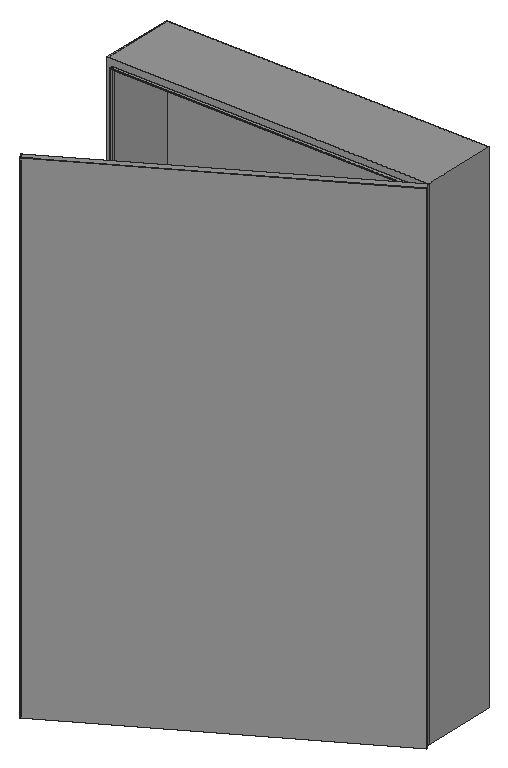
Revit family "Hager-Univers-IP54-D205-H1250-Cl.II-Encl-NoHosted-NL-en", category Equipement électrique, Revit 2020
Family settings
  Configuration du panneau = Deux colonnes, circuits au sein
  Cote de connecteur circulaire = Utiliser le diamètre
  Type d'élément = Tableau de raccordement
  Basée sur le plan de construction = Oui
  Toujours verticalement = Oui
  Couper avec des vides une fois chargée = Non
  Partagée = Non
  Point de calcul de pièce = Non
Parameters (values of type "Surface mounted (plaster) IP54 W800 H1250 D205  - FP83QSW")
  Width Control [instance] = if([EF000008 - Width] > Min Width, [EF000008 - Width], Min Width)  # 800 mm
  Commentaires du type = [HG000003 - Range]  # "Univers"
  Thickness Door [instance] = if([EF009171 - Material plate thickness door/cover] > 3 mm, 3 mm, [EF009171 - Material plate thickness door/cover])  # 1 mm
  Seal Frame Offset [instance] = 17 mm  # constant formula
  Plinth Visibility [instance] = [HG000027 - Plinth height] > 0 mm  # no
  Min Width [instance] = 100 mm  # constant formula
  Min Depth [instance] = (2 * [EF009170 - Material plate thickness cabinet]) + 1 mm  # 3 mm
  Min Height [instance] = 100 mm  # constant formula
  Internal Frame Depth [instance] = (Door System Depth * 0.5)  # 9 mm
  Panel Name [instance] = ""  # (empty or 0)
  Model = ""
  HG000027 - Plinth height = 0 mm
  HG000026 - Floor standing = no
  HG000024 - Bottom section height = 600 mm
  HG000023 - Double section enclosure = no
  HG000016 - Door 3d visibility [instance] = yes
  HG000015 - Clearance visibility [instance] = no
  HG000014 - Door on the right [instance] = yes
  HG000013 - Door on the left [instance] = not([HG000014 - Door on the right])  # no
  HG000012 - Door swing angle [instance] = 30.00°
  HG000010 - Asymmetric doors = no
  HG000009 - Double swing door = no
  HG000006 - Flush mounted = no
  HG000004 - Manufacturer reference = "FP83QSW"
  HG000003 - Range = "Univers"
  HG000002 - With door or cover = yes
  Frame Offset Bottom [instance] = 10 mm  # constant formula
  Frame Offset [instance] = 15 mm  # constant formula
  EF015940 - Cover with overpressure release = no
  EF011959 - Degree of protection (NEMA) = ""
  EF009554 - Number of openings for flange plates = 6
  EF009212 - Cover model = "EV000116 - Closed"
  EF009171 - Material plate thickness door/cover = 1 mm
  EF009170 - Material plate thickness cabinet = 1 mm
  EF008873 - Nominal current (In) = 250 A
  EF007800 - Suitable for lightning protection = no
  EF006306 - With lock = no
  EF006244 - Transparent cover/door = no
  EF005474 - Degree of protection (IP) = "EV006419 - IP54"
  EF004464 - Type of door = "EV002646 - Single"
  EF004427 - Number of modules = 288
  EF004293 - Impact strength = "EV006815 - IK09"
  EF003532 - Suitable for outdoor use = no
  EF002950 - Width in number of modular spacings = 36
  EF001613 - Circuit integrity = "EV000494 - None"
  EF001596 - Material housing = "EV000179 - Steel"
  EF001131 - Internal depth = 143 mm
  EF001088 - Extension possible = yes
  EF000437 - Number of conduit inlets = 6
  EF000339 - Type of cover = "EV001012 - Cover"
  EF000266 - Number of rows = 8
  EF000218 - Built-in depth = 0 mm
  EF000118 - With mounting plate = no
  EF000116 - RAL-number = "9010"
  EF000049 - Depth = 205 mm
  EF000040 - Height = 1250 mm
  EF000008 - Width = 800 mm
  EF000007 - Colour = "EV000202 - White"
  EF000003 - Mounting method = "EV000384 - Surface mounted (plaster)"
  Door System Leaf Tolerance [instance] = 1.5 mm  # constant formula
  Door System Depth [instance] = 18 mm  # constant formula
  Door Height [instance] = Height Control - [HG000027 - Plinth height]  # 1250 mm
  Description = ""
  Default Elevation = 1219.2 mm
  Connector Offset [instance] = Height Control / 2  # 625 mm
  Fabricant = "Hager"  # constant formula
  Height Control [instance] = if([EF000040 - Height] > Min Height, [EF000040 - Height], Min Height)  # 1250 mm
  Depth Control [instance] = if([EF000049 - Depth] > Min Depth, [EF000049 - Depth], Min Depth)  # 205 mm
  Bottom Top Plate Trim [instance] = 1.5 mm  # constant formula
  Plinth height Ctrl [instance] = if([HG000027 - Plinth height] > 0 mm, [HG000027 - Plinth height], 12 mm)  # 12 mm
Types (3, lengths in mm): name | Width Control | HG000009 - Double swing door | HG000004 - Manufacturer reference | EF009554 - Number of openings for flange plates | EF004464 - Type of door | EF004427 - Number of modules | EF002950 - Width in number of modular spacings | EF001131 - Internal depth | EF000437 - Number of conduit inlets | EF000339 - Type of cover | EF000008 - Width
  Surface mounted (plaster) IP54 W1050 H1250 D205  - FP84QSW | 1050 | yes | "FP84QSW" | 8 | "EV003602 - Double" | 384 | 48 | 143 | 8 | "EV001012 - Cover" | 1050
  Surface mounted (plaster) IP54 W1300 H1250 D205  - FP85QSW | 1300 | no | "FP85QSW" | 10 | "EV003602 - Double" | 480 | 60 | 130 | 10 | "EV004216 - Door" | 1300
  Surface mounted (plaster) IP54 W800 H1250 D205  - FP83QSW | 800 | no | "FP83QSW" | 6 | "EV002646 - Single" | 288 | 36 | 143 | 6 | "EV001012 - Cover" | 800
Reference planes
  plane 1 "Center (Front/Back)": y = 0
  plane 2: z = 0
  plane 3 "Center (Left/Right)": x = 0
  plane 4: y = 0
  plane 5: y = 0
  plane 6: z = 0
  plane 7: x = -400
  plane 8: x = 400
  plane 9: x = 399
  plane 10: x = -399
  plane 11: z = 0
  plane 12: z = 1
  plane 13: y = -205
  plane 14: y = -1
  plane 15: x = 0
  plane 16: y = -187
  plane 17: y = -204
  plane 18: y = -186
  plane 19: x = -384
  plane 20: x = 384
  plane 21: z = 11
  plane 22: x = -383
  plane 23: x = 383
  plane 24: z = 0
  plane 25: z = 1250
  plane 26: z = 1250
  plane 27: z = 1234
  plane 28: z = 1249
Forms (mm)
  Extrusion 1, solid, material "Hager_Steel_RAL7035_Light_Grey", detail levels medium+fine
    sketch origin (-208.679, -4572, 0) x (-1, 0, 0) y (0, -1, 0)
      loop
        line (191.321, -4385) -> (-608.679, -4385) -> (-608.679, -4572) -> (191.321, -4572) -> (191.321, -4385)
    from 0 to 1250
  Extrusion 2, void
    sketch origin (-350.771, -205, 1219.2) x (1, 0, 0) y (0, 0, 1)
      loop
        line (-48.229, 29.8) -> (-48.229, -1218.2) -> (749.771, -1218.2) -> (749.771, 29.8) -> (-48.229, 29.8)
    from -19 to -204
  Extrusion 3, void
    sketch origin (-290.084, -187, 1219.2) x (1, 0, 0) y (0, 0, 1)
      loop
        line (-93.916, -1208.2) -> (674.084, -1208.2) -> (674.084, 14.8) -> (-93.916, 14.8) -> (-93.916, -1208.2)
    from 0 to -1
  Extrusion 4, solid, material "Hager_Steel_RAL7035_Light_Grey", visible <- "Plinth Visibility", detail levels medium+fine
    sketch origin (0, 0, 0) x (1, 0, 0) y (0, 1, 0)
      loop
        line (-400, 0) -> (-400, -187) -> (400, -187) -> (400, 0) -> (-400, 0)
    from 0 to 12 <- "Plinth height Ctrl"
  Extrusion 5, solid, material "Hager_Steel_RAL7035_Light_Grey", detail levels coarse
    sketch origin (0, 0, 0) x (1, 0, 0) y (0, 1, 0)
      loop
        line (-400, 0) -> (-400, -205) -> (400, -205) -> (400, 0) -> (-400, 0)
    from 0 to 1250 <- "Height Control"
  Sweep 6, void
    path in 3D
      loop
        line (-400, -187, 12) -> (400, -187, 12) -> (400, 0, 12) -> (-400, 0, 12) -> (-400, -187, 12)
    profile origin (-400, -93.5, 12) x (1, 0, 0) y (0, 0, 1)
      loop
        line (0, 0) -> (0, -1.5) -> (1.5, -1.5)
        arc (1.5, -1.5) -> (1.061, -0.439) -> (0, 0) r 1.5
  Extrusion 7, solid, material "Hager_Steel_RAL7035_Light_Grey", detail levels fine
    sketch origin (-400, -187, 0) x (1, 0, 0) y (0, 0, 1)
      loop
        line (16, 11) -> (784, 11) -> (784, 1234) -> (16, 1234) -> (16, 11)
      loop
        line (15, 10) -> (785, 10) -> (785, 1235) -> (15, 1235) -> (15, 10)
    from 0 to 9 <- "Internal Frame Depth"
Cuts and joins
  Extrusion 2, Extrusion 3 cuts Extrusion 1
  Sweep 6 cuts Extrusion 4
Lines and regions (mm)
  Masking region 1
    outline origin (0, 0, 0) x (1, 0, 0) y (0, 1, 0)
      loop
        line (-400, 0) -> (-400, -205) -> (400, -205) -> (400, 0) -> (-400, 0)
  Masking region 2, detail levels coarse
    outline origin (-290.084, -187, 1219.2) x (-1, 0, 0) y (0, 0, 1)
      loop
        line (-690.084, -1219.2) -> (109.916, -1219.2) -> (109.916, 30.8) -> (-690.084, 30.8) -> (-690.084, -1219.2)
  Masking region 3, detail levels coarse
    outline origin (0, 0, 0) x (0, 1, 0) y (0, 0, 1)
      loop
        line (0, 0) -> (0, 1250) -> (-205, 1250) -> (-205, 0) -> (0, 0)
  Masking region 4, visible <- "Plinth Visibility", detail levels medium+fine
    outline origin (0, 0, 0) x (0, 1, 0) y (0, 0, 1)
      loop
        line (-1.5, 12) -> (-185.5, 12)
        arc (-185.5, 12) -> (-185.939, 10.939) -> (-187, 10.5) r 1.5
        line (-187, 10.5) -> (-187, 0) -> (0, 0) -> (0, 10.5)
        arc (0, 10.5) -> (-1.061, 10.939) -> (-1.5, 12) r 1.5
  Masking region 5, detail levels medium+fine
    outline origin (0, 0, 594.038) x (0, 1, 0) y (0, 0, 1)
      loop
        line (0, -594.038) -> (0, 655.962) -> (-187, 655.962) -> (-187, -594.038) -> (0, -594.038)
  Masking region 6, detail levels medium+fine
    outline origin (-359.7, -187, 1211.883) x (-1, 0, 0) y (0, 0, 1)
      loop
        line (-759.7, -1211.883) -> (40.3, -1211.883) -> (40.3, 38.117) -> (-759.7, 38.117) -> (-759.7, -1211.883)
  Masking region 7, visible <- "Plinth Visibility", detail levels medium+fine
    outline origin (-320.334, -187, 1041.368) x (-1, 0, 0) y (0, 0, 1)
      loop
        line (-720.334, -1041.368) -> (79.666, -1041.368) -> (79.666, -1030.868)
        arc (79.666, -1030.868) -> (78.606, -1030.429) -> (78.166, -1029.368) r 1.5
        line (78.166, -1029.368) -> (-718.834, -1029.368)
        arc (-718.834, -1029.368) -> (-719.273, -1030.429) -> (-720.334, -1030.868) r 1.5
        line (-720.334, -1030.868) -> (-720.334, -1041.368)
  sketch lines
    curve 1: line (-400, 0, 12) -> (-400, -187, 12)
    curve 2: line (-400, -187, 12) -> (400, -187, 12)
    curve 3: line (400, 0, 12) -> (-400, 0, 12)
    curve 4: line (400, -187, 12) -> (400, 0, 12)
Dimensions and locks
  locked: plane 1 "Center (Front/Back)" to plane 5
  "EF009170 - Material plate thickness cabinet": plane 7 to plane 10
  "EF009170 - Material plate thickness cabinet": plane 8 to plane 9
  equal spacing: plane 7, plane 3 "Center (Left/Right)", plane 8
  "Width Control": plane 7 to plane 8
  "Depth Control": plane 4 to plane 13
  "EF009170 - Material plate thickness cabinet": plane 4 to plane 14
  "Height Control": plane 25 to level
  "HG000027 - Plinth height": plane 11 to level
  "EF009170 - Material plate thickness cabinet": plane 12 to plane 11
  "EF009170 - Material plate thickness cabinet": plane 17 to plane 13
  "EF009170 - Material plate thickness cabinet": plane 18 to plane 16
  "Frame Offset Bottom": plane 21 to plane 12
  "Frame Offset": plane 10 to plane 19
  "Frame Offset": plane 9 to plane 20
  "Door System Depth": plane 16 to plane 13
  "Seal Frame Offset": plane 7 to plane 22
  "Seal Frame Offset": plane 8 to plane 23
  "EF009170 - Material plate thickness cabinet": plane 26 to plane 28
  "Frame Offset": plane 28 to plane 27
  "Connector Offset": plane 2 to connector elem
  "Bottom Top Plate Trim": profile plane to Sweep 6 sketch curve
  "Bottom Top Plate Trim": Sweep 6 sketch curve to Sweep 6 sketch curve
  "Plinth height Ctrl": Masking region 4 sketch curve to level
  "Plinth height Ctrl": Masking region 7 sketch curve to level
  "Thickness Door": Extrusion 7 sketch curve to Extrusion 7 sketch curve  (x4)
  "Bottom Top Plate Trim": radius of Sweep 6 sketch curve
  "Bottom Top Plate Trim": radius of Masking region 4 sketch curve  (x2)
  "Bottom Top Plate Trim": radius of Masking region 7 sketch curve  (x2)
  aligned and locked: Extrusion 2 sketch curve to plane 12
  aligned and locked: Extrusion 2 sketch curve to plane 9
  aligned and locked: Extrusion 2 sketch curve to plane 10
  aligned and locked: Extrusion 2 to plane 14
  aligned and locked: Extrusion 1 sketch curve to plane 4
  aligned and locked: plane 8 to Extrusion 1 sketch curve
  aligned and locked: plane 7 to Extrusion 1 sketch curve
  aligned and locked: Extrusion 2 to plane 18
  aligned and locked: Extrusion 3 sketch curve to plane 19
  aligned and locked: plane 20 to Extrusion 3 sketch curve
  aligned and locked: Extrusion 3 to Extrusion 2
  aligned and locked: Extrusion 3 sketch curve to plane 21
  aligned and locked: plane 3 "Center (Left/Right)" to nested 1
  aligned and locked: Extrusion 1 sketch curve to plane 16
  aligned and locked: Extrusion 4 sketch curve to cut or joined group of Extrusion 1, Extrusion 2, Extrusion 3
  aligned and locked: Masking region 1 sketch curve to plane 7
  aligned and locked: Masking region 1 sketch curve to plane 5
  aligned and locked: Masking region 1 sketch curve to plane 8
  aligned and locked: Masking region 2 sketch curve to level
  aligned and locked: level to Masking region 3 sketch curve
  aligned and locked: plane 1 "Center (Front/Back)" to Masking region 3 sketch curve
  aligned and locked: plane 13 to Masking region 3 sketch curve
  aligned and locked: plane 5 to Masking region 4 sketch curve
  aligned and locked: Masking region 2 sketch curve to plane 8
  aligned and locked: Masking region 2 sketch curve to plane 7
  aligned and locked: plane 7 to nested 2
  aligned and locked: nested 2 to plane 5
  aligned and locked: plane 5 to Masking region 5 sketch curve
  aligned and locked: plane 26 to Masking region 5 sketch curve
  aligned and locked: Extrusion 5 sketch curve to plane 8
  aligned and locked: Extrusion 5 sketch curve to plane 7
  aligned and locked: Extrusion 5 sketch curve to plane 5
  aligned and locked: Extrusion 3 sketch curve to plane 27
  aligned and locked: Extrusion 2 sketch curve to plane 28
  aligned and locked: Masking region 2 to plane 25
  aligned and locked: Extrusion 4 to plane 16
  aligned and locked: profile plane to Sweep 6 sketch curve
  aligned and locked: Masking region 5 sketch curve to plane 24
  aligned and locked: level to Masking region 4 sketch curve
  aligned and locked: Masking region 1 to plane 13
  aligned and locked: nested 1 to plane 16
  aligned and locked: Masking region 3 to plane 25
  aligned and locked: plane 16 to Masking region 4 sketch curve
  aligned and locked: Masking region 5 sketch curve to plane 16
  aligned and locked: plane 24 to plane 11
  aligned and locked: plane 26 to plane 25
  aligned and locked: plane 26 to cut or joined group of Extrusion 1, Extrusion 2, Extrusion 3
  aligned and locked: nested 1 to plane 24
  aligned and locked: Extrusion 1 to Extrusion 3
  aligned and locked: Masking region 6 sketch curve to plane 8
  aligned and locked: Masking region 6 sketch curve to plane 24
  aligned and locked: Masking region 6 sketch curve to plane 7
  aligned and locked: Masking region 6 sketch curve to plane 26
  aligned and locked: Masking region 7 sketch curve to plane 7
  aligned and locked: level to Masking region 7 sketch curve
  aligned and locked: Masking region 7 sketch curve to plane 8
  aligned and locked: Extrusion 7 sketch curve to cut or joined group of Extrusion 1, Extrusion 2, Extrusion 3  (x4)
Automatic sketch dimensions
  plane 19 to Extrusion 3 sketch curve = 0 mm
  Extrusion 3 sketch curve to plane 20 = 0 mm
  Extrusion 3 sketch curve to plane 21 = 0 mm
  Extrusion 4 sketch curve to plane 7 = 0 mm
  Extrusion 4 sketch curve to plane 8 = 0 mm
  Extrusion 4 sketch curve to plane 16 = 0 mm
  Masking region 1 sketch curve to plane 13 = 0 mm
  Masking region 2 sketch curve to plane 25 = 0 mm
  Masking region 3 sketch curve to plane 25 = 0 mm
  Extrusion 5 sketch curve to plane 13 = 0 mm
  profile plane to Sweep 6 sketch curve = 0 mm
Nested families
  nested 1: "EC000058_Univers_Door" at (0, -187, 0), Double <- "HG000009 - Double swing door", Transparent <- "EF006244 - Transparent cover/door", Angle <- "HG000012 - Door swing angle", Door_Right <- "HG000014 - Door on the right", Assymetrical <- "HG000010 - Asymmetric doors", Door <- "HG000002 - With door or cover", Width_Ctrl <- "Width Control", 3d_Door <- "HG000016 - Door 3d visibility", Clearance <- "HG000015 - Clearance visibility", Door_Left <- "HG000013 - Door on the left", Width <- "Width Control", Door_Depth <- "Door System Depth", Leaf_Tolerance <- "Door System Leaf Tolerance", Height <- "Door Height", Lock_Visibility <- "EF006306 - With lock", Thickness <- "Thickness Door", type "EC000058_Univers_Door", detail levels medium+fine
    with min_wh 3 mm, Width_Ctrl 800 mm, Width 800 mm, Transparent no, Thickness 1 mm, Seal_Material Hager_Rubber, Lock_Visibility no, Lock_Material Hager_Plastic_RAL9005_Jet_Black, Leaf_Width 800 mm, Leaf_Tolerance_External_Sides 0 mm, Leaf_Tolerance 1.5 mm, Leaf_Offset 0 mm, Leaf_Height 1247 mm, Leaf_2_Width 800 mm, Leaf_2_Offset 400 mm, Leaf_1_Width 800 mm, Leaf_1_Offset 400 mm, Height_Ctrl 1250 mm, Height 1250 mm, Glass_Material Hager_Glass, Double_Clearance_Ctrl no, Double no, Door_Right_Ctrl yes, Door_Right yes, Door_Material Hager_Steel_RAL7035_Light_Grey, Door_Left_Ctrl no, Door_Left no, Door_Depth 18 mm, Door yes, Clearance_Material Hager_Clearance, Clearance_Depth 800 mm, Clearance_Ctrl no, Clearance no, Assymetrical no, Angle 30.00°, 3d_Door yes
  nested 2: "Hager_Enclosure_Symbol" at (-400, 0, 0), Height <- "Depth Control", Width <- "Width Control", type "Hager_Enclosure_Symbol"
    with Width_Ctrl 800 mm, Width 800 mm, Height_Ctrl 205 mm, Height 205 mm, A_Width_Int 13.453 mm, A_Width 161.438 mm, A_Height_Ctrl 179.375 mm, A_Height 179.375 mm
Connectors
  electrical at (0, 0, 625)
    settings: on plane 1 "Center (Front/Back)", index 1, voltage 0 V, apparent load 0 VA, apparent load phase1 0 VA, apparent load phase2 0 VA, apparent load phase3 0 VA, power factor 1, load classification "Other", number of poles 1, system type 30, power factor state 1, is connector primary yes, connector utility no, sub classification motor no, connector description ""
Definition of nested family "EC000058_Univers_Door"
  Parameters (values of type "EC000058_Univers_Door")
    min_wh [instance] = (2 * Thickness) + 1 mm  # 11 mm
    Width_Ctrl [instance] = 400 mm
    Width [instance] = 500 mm
    Transparent [instance] = yes
    Thickness [instance] = 5 mm
    Seal_Material [instance] = none
    Lock_Visibility [instance] = yes
    Lock_Material [instance] = none
    Leaf_Width [instance] = if((Width_Ctrl - 2 * Leaf_Tolerance_External_Sides) > 0 mm, (Width_Ctrl - 2 * Leaf_Tolerance_External_Sides), min_wh)  # 400 mm
    Leaf_Tolerance_External_Sides [instance] = 0 mm  # constant formula
    Leaf_Tolerance [instance] = 1.5 mm
    Leaf_Offset [instance] = 0 mm  # constant formula
    Leaf_Height [instance] = if((Height_Ctrl - 2 * Leaf_Tolerance) > 0 mm, (Height_Ctrl - 2 * Leaf_Tolerance), min_wh)  # 497 mm
    Leaf_2_Width [instance] = if(and(and(Double, Assymetrical), Door_Left), (Leaf_Width / 3) - (Leaf_Tolerance / 2), if(and(and(Double, Assymetrical), Door_Right), (Leaf_Width / 3) * 2 - (Leaf_Tolerance / 2), if(and(Double, not(Assymetrical)), (Leaf_Width / 2) - Leaf_Tolerance, Leaf_Width)))  # 400 mm
    Leaf_2_Offset [instance] = if(and(Double, Assymetrical), Leaf_2_Width / 2, if(and(Double, not(Assymetrical)), Leaf_Width / 4, Leaf_Width / 2))  # 200 mm
    Leaf_1_Width [instance] = if(and(and(Double, Assymetrical), Door_Right), (Leaf_Width / 3) - (Leaf_Tolerance / 2), if(and(and(Double, Assymetrical), Door_Left), (Width / 3) * 2 - (Leaf_Tolerance / 2), if(and(Double, not(Assymetrical)), (Leaf_Width / 2) - Leaf_Tolerance, Leaf_Width)))  # 400 mm
    Leaf_1_Offset [instance] = if(and(Double, Assymetrical), Leaf_1_Width / 2, if(and(Double, not(Assymetrical)), Leaf_Width / 4, Leaf_Width / 2))  # 200 mm
    Height_Ctrl [instance] = if(Height > min_wh, Height, min_wh)  # 500 mm
    Height [instance] = 500 mm
    Glass_Material [instance] = none
    Double_Clearance_Ctrl [instance] = and(Double, Clearance)  # no
    Double [instance] = no
    Door_Right_Ctrl [instance] = and(or(Door_Right, Double), Door)  # yes
    Door_Right [instance] = yes
    Door_Material [instance] = none
    Door_Left_Ctrl [instance] = and(or(Door_Left, Double), Door)  # no
    Door_Left [instance] = no
    Door_Depth [instance] = 30 mm
    Door [instance] = yes
    Default Elevation = 1219.2 mm
    Clearance_Material [instance] = none
    Clearance_Depth [instance] = if(Leaf_1_Width > Leaf_2_Width, Leaf_1_Width, Leaf_2_Width)  # 400 mm
    Clearance_Ctrl [instance] = and(not(Double), Clearance)  # yes
    Clearance [instance] = yes
    Assymetrical [instance] = yes
    Angle [instance] = 30.00°
    3d_Door [instance] = yes
  Reference planes
    plane 1 "Center (Front/Back)": y = 0
    plane 2 "Bottom": z = 0
    plane 3 "Center (Left/Right)": x = 0
    plane 4: z = 500
    plane 5: x = -200
    plane 6: x = 200
    plane 7: z = 500
    plane 8: x = -200
    plane 9: z = 0
    plane 10: x = 200
    plane 11: y = 0
    plane 12: z = 1.5
    plane 13: x = -600
    plane 14: y = -400
    plane 15: x = 600
    plane 16: x = 0
    plane 17: x = 0
    plane 18: x = -200
    plane 19: x = 200
    plane 20: z = 498.5
  Forms (mm)
    Extrusion 1, solid, material <- "Clearance_Material", visible <- "Double_Clearance_Ctrl"
      sketch origin (1200, 0, 0) x (1, 0, 0) y (0, 0, -1)
        loop
          line (-1800, -498.5) -> (-600, -498.5) -> (-600, 0) -> (-1800, 0) -> (-1800, -498.5)
      from 0 to -400
  Dimensions and locks
    equal spacing: plane 5, plane 3 "Center (Left/Right)", plane 6
    "Width_Ctrl": plane 5 to plane 6
    "Leaf_Offset": plane 5 to plane 8
    "Leaf_Offset": plane 6 to plane 10
    "Leaf_Offset": plane 9 to level
    "Leaf_Offset": plane 4 to plane 7
    "Height_Ctrl": plane 4 to level
    "Leaf_Tolerance": plane 12 to plane 9
    locked: plane 11 to plane 1 "Center (Front/Back)"
    "Leaf_1_Offset": plane 18 to plane 16
    "Leaf_2_Offset": plane 17 to plane 19
    "Leaf_1_Width": plane 13 to plane 8
    "Leaf_2_Width": plane 10 to plane 15
    "Clearance_Depth": plane 14 to plane 1 "Center (Front/Back)"
    "Leaf_Tolerance_External_Sides": plane 8 to plane 18
    "Leaf_Tolerance_External_Sides": plane 19 to plane 10
    "Leaf_Tolerance": plane 7 to plane 20
    aligned and locked: level to plane 2 "Bottom"
    aligned and locked: nested 1 to plane 16
    aligned and locked: nested 2 to plane 17
    aligned and locked: Extrusion 1 to plane 13
    aligned and locked: plane 15 to Extrusion 1
    aligned and locked: Extrusion 1 to plane 14
    aligned and locked: plane 12 to nested 1
    aligned and locked: nested 2 to plane 12
    aligned and locked: Extrusion 1 to plane 11
    aligned and locked: plane 20 to Extrusion 1
    aligned and locked: nested 2 to plane 11
    aligned and locked: nested 1 to plane 11
  Automatic sketch dimensions
    Extrusion 1 sketch curve to level = 0 mm
    plane 5 to Extrusion 1 sketch curve = 400 mm
    plane 6 to Extrusion 1 sketch curve = 400 mm
    Extrusion 1 sketch curve to plane 4 = 1.5 mm
  Nested families
    nested 1: "EC000058_Univers_Door_Leaf" at (0, 0, 1.5), Width <- "Leaf_1_Width", visible <- "Door_Left_Ctrl", Leaf_Height <- "Leaf_Height", Angle <- "Angle", 3d_Door <- "3d_Door", Transparent <- "Transparent", Clearance Material <- "Clearance_Material", Clearance <- "Clearance_Ctrl", Door_Material <- "Door_Material", Glass_Material <- "Glass_Material", Door_Depth <- "Door_Depth", Lock_Material <- "Lock_Material", Seal_Material <- "Seal_Material", Lock_Visibility <- "Lock_Visibility", Thickness <- "Thickness", type "EC000058_Univers_Door_Leaf"
      with Width 400 mm, Transparent_Glass_Offset 30 mm, Transparent_Ctrl yes, Transparent yes, Thickness 5 mm, Standard no, Seal_Material none, Seal_D2 8 mm, Seal_D1 1 mm, Offset_Internal_Frame 10 mm, Lock_Width 20 mm, Lock_Visibility_3d yes, Lock_Visibility yes, Lock_Thickness_3 3 mm, Lock_Thickness_2 1 mm, Lock_Thickness_1 3 mm, Lock_Radius_Offset_2 16 mm, Lock_Radius_Offset_1 15 mm, Lock_Radius_2 5 mm, Lock_Radius 6 mm, Lock_Offset 5 mm, Lock_Material none, Lock_Height 80 mm, Lock_Cover_Top_Offset_2d 17 mm, Lock_Cover_Height -65 mm, Leaf_Height 497 mm, Internal_Seal_Thickness 8 mm, Internal_Seal_Depth_2 4.5 mm, Internal_Frame_Depth 25 mm, Glass_Thickness -1 mm, Glass_Offset -2 mm, Glass_Material none, Door_Material none, Door_Depth 30 mm, Clearance Material none, Clearance yes, Angle_Ctrl 30.00°, Angle 30.00°, 3d_Door yes
    nested 2: "EC000058_Univers_Door_Leaf" at (0, 0, 1.5) x (-1, 0, 0) z (0, 0, 1), Width <- "Leaf_2_Width", visible <- "Door_Right_Ctrl", Leaf_Height <- "Leaf_Height", Angle <- "Angle", 3d_Door <- "3d_Door", Transparent <- "Transparent", Clearance Material <- "Clearance_Material", Clearance <- "Clearance_Ctrl", Door_Material <- "Door_Material", Glass_Material <- "Glass_Material", Door_Depth <- "Door_Depth", Lock_Material <- "Lock_Material", Seal_Material <- "Seal_Material", Lock_Visibility <- "Lock_Visibility", Thickness <- "Thickness", type "EC000058_Univers_Door_Leaf"
      with Width 400 mm, Transparent_Glass_Offset 30 mm, Transparent_Ctrl yes, Transparent yes, Thickness 5 mm, Standard no, Seal_Material none, Seal_D2 8 mm, Seal_D1 1 mm, Offset_Internal_Frame 10 mm, Lock_Width 20 mm, Lock_Visibility_3d yes, Lock_Visibility yes, Lock_Thickness_3 3 mm, Lock_Thickness_2 1 mm, Lock_Thickness_1 3 mm, Lock_Radius_Offset_2 16 mm, Lock_Radius_Offset_1 15 mm, Lock_Radius_2 5 mm, Lock_Radius 6 mm, Lock_Offset 5 mm, Lock_Material none, Lock_Height 80 mm, Lock_Cover_Top_Offset_2d 17 mm, Lock_Cover_Height -65 mm, Leaf_Height 497 mm, Internal_Seal_Thickness 8 mm, Internal_Seal_Depth_2 4.5 mm, Internal_Frame_Depth 25 mm, Glass_Thickness -1 mm, Glass_Offset -2 mm, Glass_Material none, Door_Material none, Door_Depth 30 mm, Clearance Material none, Clearance yes, Angle_Ctrl 30.00°, Angle 30.00°, 3d_Door yes
  Definition of nested family "EC000058_Univers_Door_Leaf"
    Parameters (values of type "EC000058_Univers_Door_Leaf")
      Width [instance] = 2000 mm
      Transparent_Glass_Offset [instance] = 30 mm
      Transparent_Ctrl [instance] = and(Transparent, [3d_Door])  # yes
      Transparent [instance] = yes
      Thickness [instance] = 5 mm
      Standard [instance] = and(not(Transparent), [3d_Door])  # no
      Seal_Material [instance] = none
      Seal_D2 [instance] = 8 mm  # constant formula
      Seal_D1 [instance] = 1 mm  # constant formula
      Offset_Internal_Frame [instance] = 10 mm  # constant formula
      Lock_Width [instance] = 20 mm  # constant formula
      Lock_Visibility_3d [instance] = and(Lock_Visibility, [3d_Door])  # yes
      Lock_Visibility [instance] = yes
      Lock_Thickness_3 [instance] = 3 mm  # constant formula
      Lock_Thickness_2 [instance] = 1 mm  # constant formula
      Lock_Thickness_1 [instance] = 3 mm  # constant formula
      Lock_Radius_Offset_2 [instance] = Lock_Radius_Offset_1 + 1 mm  # 16 mm
      Lock_Radius_Offset_1 [instance] = 15 mm  # constant formula
      Lock_Radius_2 [instance] = Lock_Radius - 1 mm  # 5 mm
      Lock_Radius [instance] = 6 mm  # constant formula
      Lock_Offset [instance] = 5 mm  # constant formula
      Lock_Material [instance] = none
      Lock_Height [instance] = 80 mm  # constant formula
      Lock_Cover_Top_Offset_2d [instance] = Lock_Radius_Offset_2 + 1 mm  # 17 mm
      Lock_Cover_Height [instance] = -(Lock_Height - Lock_Radius_Offset_1)  # -65 mm
      Leaf_Height [instance] = 2720.336 mm
      Internal_Seal_Thickness [instance] = 8 mm  # constant formula
      Internal_Seal_Depth_2 [instance] = 4.5 mm  # constant formula
      Internal_Frame_Depth [instance] = if(Door_Depth - Thickness > 5 mm, Door_Depth - Thickness, 5 mm)  # 25 mm
      Glass_Thickness [instance] = if(Thickness > 15 mm, Glass_Offset + 10 mm, -1 mm)  # -1 mm
      Glass_Offset [instance] = if(Thickness > 15 mm, -(Thickness + 10 mm) / 2, -2 mm)  # -2 mm
      Glass_Material [instance] = none
      Door_Material [instance] = none
      Door_Depth [instance] = 30 mm
      Default Elevation = 0 mm
      Clearance Material [instance] = none
      Clearance [instance] = yes
      Angle_Ctrl [instance] = if(Angle > 180.00°, 180.00°, Angle)  # 90.00°
      Angle [instance] = 90.00°
      3d_Door [instance] = yes
    Reference planes
      plane 1 "Center (Front/Back)": y = 0
      plane 2: z = 0
      plane 3 "Center (Left/Right)": x = 0
      plane 4: y = 2000
      plane 5: x = -1000
      plane 6: x = 1000
      plane 7: x = -3000
      plane 8: z = 2720.336
      plane 9: z = 30
      plane 10: z = 2690.336
      plane 11: x = 970
      plane 12: x = -970
      plane 13: y = -3
      plane 14: z = 107.833
      plane 15: y = -5
      plane 16: y = -223.314
      plane 17: x = -1000
      plane 18: z = 1360.168
      plane 19: y = 30
    Forms (mm)
      Extrusion 1, solid, material <- "Clearance Material", visible <- "Clearance"
        sketch origin (0, 0, 0) x (1, 0, 0) y (0, 0, 1)
          loop
            line (-3000, 2720.336) -> (-3000, 0) -> (1000, 0) -> (1000, 2720.336) -> (-3000, 2720.336)
        from 0 to -2000
      Extrusion 2, solid, material <- "Door_Material", visible <- "Standard", detail levels medium+fine
        sketch origin (-1000, 0, 0) x (0, 1, 0) y (-1, 0, 0)
          loop
            line (0, 30) -> (0, 25) -> (2000, 25) -> (2000, 30) -> (0, 30)
        from 0 to 2720.336 <- "Leaf_Height"
      Extrusion 3, solid, material <- "Door_Material", visible <- "Transparent_Ctrl", detail levels medium+fine
        sketch origin (-1000, 0, 0) x (0, 1, 0) y (-1, 0, 0)
          loop
            line (0, 25) -> (2000, 25) -> (2000, 30) -> (0, 30) -> (0, 25)
        from 0 to 2720.336 <- "Leaf_Height"
      Extrusion 4, void
        sketch origin (-1025, 2000, 0) x (0, 1, 0) y (0, 0, -1)
          loop
            line (-30, -2690.336) -> (-30, -30) -> (-1970, -30) -> (-1970, -2690.336) -> (-30, -2690.336)
        from 0 to 5 <- "Thickness"
      Sweep 5, solid, material <- "Seal_Material", visible <- "Transparent_Ctrl", detail levels fine
        path in 3D
          loop
            line (-1025, 30, 30) -> (-1025, 30, 2690.336) -> (-1025, 1970, 2690.336) -> (-1025, 1970, 30) -> (-1025, 30, 30)
        profile origin (-1025, 1000, 30) x (1, 0, 0) y (0, 0, 1)
          loop
            line (0, 0) -> (0, -8) -> (1, -8) -> (1, 0) -> (0, 0)
      Extrusion 6, solid, material <- "Glass_Material", visible <- "Transparent_Ctrl", detail levels medium+fine
        sketch origin (-1030, 0, 0) x (0, 1, 0) y (0, 0, -1)
          loop
            line (1970, -2690.336) -> (1970, -30) -> (30, -30) -> (30, -2690.336) -> (1970, -2690.336)
        from -2 <- "Glass_Offset" to -1 <- "Glass_Thickness"
      Extrusion 7, solid, material <- "Door_Material", visible <- "3d_Door", detail levels medium+fine
        sketch origin (-1025, 2000, 0) x (0, -1, 0) y (0, 0, -1)
          loop
            line (0, -2720.336) -> (2000, -2720.336) -> (2000, 0) -> (0, 0) -> (0, -2720.336)
          loop
            line (1995, -5) -> (5, -5) -> (5, -2715.336) -> (1995, -2715.336) -> (1995, -5)
        from 0 to 25 <- "Internal_Frame_Depth"
      Sweep 8, solid, material <- "Seal_Material", visible <- "Transparent_Ctrl", detail levels fine
        path in 3D
          loop
            line (-1025, 0, 0) -> (-1025, 2000, 0) -> (-1025, 2000, 2720.336) -> (-1025, 0, 2720.336) -> (-1025, 0, 0)
        profile origin (-1025, 0, 1360.168) x (1, 0, 0) y (0, 1, 0)
          loop
            line (0, 10) -> (2.975, 10)
            arc (2.975, 10) -> (4.053, 10.447) -> (4.5, 11.525) r 1.525
            line (4.5, 11.525) -> (4.5, 16.527)
            arc (4.5, 16.527) -> (4.069, 17.569) -> (3.027, 18) r 1.473
            line (3.027, 18) -> (0, 18) -> (0, 10)
      Extrusion 9, solid, material <- "Lock_Material", visible <- "Lock_Visibility_3d", detail levels fine
        sketch origin (-1030, 0, 0) x (0, 1, 0) y (0, 0, -1)
          loop
            arc (1993.5, -1400.168) -> (1994.561, -1399.729) -> (1995, -1398.668) r 1.5
            line (1995, -1398.668) -> (1995, -1320.168) -> (1975, -1320.168) -> (1975, -1398.668)
            arc (1975, -1398.668) -> (1975.439, -1399.729) -> (1976.5, -1400.168) r 1.5
            line (1976.5, -1400.168) -> (1993.5, -1400.168)
        from 3 <- "Lock_Thickness_1" to 0
      Blend 10, solid, material <- "Lock_Material", visible <- "Lock_Visibility_3d", detail levels fine
        base sketch origin (-1033, 0, 0) x (0, 1, 0) y (0, 0, -1)
          loop
            line (1975, -1320.168) -> (1975, -1398.668)
            arc (1975, -1398.668) -> (1975.439, -1399.729) -> (1976.5, -1400.168) r 1.5
            line (1976.5, -1400.168) -> (1993.5, -1400.168)
            arc (1993.5, -1400.168) -> (1994.561, -1399.729) -> (1995, -1398.668) r 1.5
            line (1995, -1398.668) -> (1995, -1320.168) -> (1975, -1320.168)
        top sketch origin (-1033, 0, 0) x (0, 1, 0) y (0, 0, -1)
          loop
            line (1976, -1320.168) -> (1976, -1398.668)
            arc (1976, -1398.668) -> (1976.146, -1399.022) -> (1976.5, -1399.168) r 0.5
            line (1976.5, -1399.168) -> (1993.5, -1399.168)
            arc (1993.5, -1399.168) -> (1993.854, -1399.022) -> (1994, -1398.668) r 0.5
            line (1994, -1398.668) -> (1994, -1320.168) -> (1976, -1320.168)
        from 0 to 1 <- "Lock_Thickness_2"
      Blend 11, solid, material <- "Lock_Material", visible <- "Lock_Visibility_3d", detail levels fine
        base sketch origin (-1034, 0, 0) x (0, 1, 0) y (0, 0, -1)
          loop
            line (1978, -1320.168) -> (1978, -1384.168)
            arc (1978, -1384.168) -> (1985, -1391.168) -> (1992, -1384.168) r 7
            line (1992, -1384.168) -> (1992, -1320.168) -> (1978, -1320.168)
        top sketch origin (-1034, 0, 0) x (0, 1, 0) y (0, 0, -1)
          loop
            line (1991, -1320.168) -> (1979, -1320.168) -> (1979, -1383.168)
            arc (1979, -1383.168) -> (1985, -1389.168) -> (1991, -1383.168) r 6
            line (1991, -1383.168) -> (1991, -1320.168)
        from 0 to 3 <- "Lock_Thickness_3"
      Extrusion 12, solid, material <- "Lock_Material", visible <- "Lock_Visibility_3d", detail levels fine
        sketch origin (-1030, 1975, 1320.168) x (1, 0, 0) y (0, -1, 0)
          loop
            line (-7, -19) -> (-7, -1) -> (0, -1) -> (0, 0) -> (-8, 0) -> (-8, -20) -> (0, -20) -> (0, -19) -> (-7, -19)
        from 0 to -65 <- "Lock_Cover_Height"
      Extrusion 13, void
        sketch origin (-1038, 1995, 1320.168) x (-1, 0, 0) y (0, 0, -1)
          loop
            line (-5, -65) -> (0, -65) -> (-5, -60) -> (-5, -65)
        from 0 to 20 <- "Lock_Width"
      Extrusion 14, void
        sketch origin (-1038, 1975, 1320.168) x (0, -1, 0) y (0, 0, -1)
          loop
            circle (-10, -15.995) r 6
          loop
            circle (-10, -15.995) r 5
        from 0 to 2
      Extrusion 15, solid, material <- "Lock_Material", visible <- "Lock_Visibility_3d", detail levels medium
        sketch origin (-1030, 0, 0) x (0, 1, 0) y (0, 0, -1)
          loop
            arc (1993.5, -1400.168) -> (1994.561, -1399.729) -> (1995, -1398.668) r 1.5
            line (1995, -1398.668) -> (1995, -1320.168) -> (1975, -1320.168) -> (1975, -1398.668)
            arc (1975, -1398.668) -> (1975.439, -1399.729) -> (1976.5, -1400.168) r 1.5
            line (1976.5, -1400.168) -> (1993.5, -1400.168)
        from 8 to 0
    Cuts and joins
      Extrusion 4 cuts Extrusion 3
      Extrusion 13, Extrusion 14 cuts Extrusion 9
      Extrusion 14 cuts Blend 11
      Extrusion 13, Extrusion 14 cuts Extrusion 12
      joined: Extrusion 9, Blend 10, Blend 11, Extrusion 12
      Extrusion 14 cuts Extrusion 15
    Lines and regions (mm)
      Masking region 1, visible <- "Lock_Visibility", detail levels fine
        outline origin (0, 0, 0) x (0, 1, 0) y (0, 0, 1)
          loop
            line (30, 1320.168) -> (33, 1320.168) -> (33, 1400.168) -> (30, 1400.168) -> (30, 1320.168)
      Masking region 2, visible <- "Lock_Visibility", detail levels fine
        outline origin (0, 3.143, 0) x (0, 1, 0) y (0, 0, 1)
          loop
            line (29.857, 1354.168) -> (30.857, 1354.168) -> (30.857, 1366.168) -> (29.857, 1366.168) -> (29.857, 1354.168)
      Masking region 3, detail levels medium+fine
        outline origin (0, 0, 0) x (0, 1, 0) y (0, 0, 1)
          loop
            line (0, 0) -> (30, 0) -> (30, 2720.336) -> (0, 2720.336) -> (0, 0)
      Masking region 4, detail levels medium+fine
        outline origin (0, 0, 0) x (1, 0, 0) y (0, 0, 1)
          loop
            line (-1000, 2720.336) -> (-1000, 0) -> (1000, 0) -> (1000, 2720.336) -> (-1000, 2720.336)
      Masking region 5, visible <- "Lock_Visibility", detail levels fine
        outline origin (-47.116, 0, 0) x (1, 0, 0) y (0, 0, 1)
          loop
            arc (1024.616, 1399.168) -> (1023.556, 1398.729) -> (1023.116, 1397.668) r 1.5
            line (1023.116, 1397.668) -> (1023.116, 1320.168) -> (1041.116, 1320.168) -> (1041.116, 1397.668)
            arc (1041.116, 1397.668) -> (1040.677, 1398.729) -> (1039.616, 1399.168) r 1.5
            line (1039.616, 1399.168) -> (1024.616, 1399.168)
      Masking region 6, visible <- "Lock_Visibility", detail levels medium+fine
        outline origin (-25, 0, 0) x (1, 0, 0) y (0, 0, 1)
          loop
            arc (1001.5, 1400.168) -> (1000.439, 1399.729) -> (1000, 1398.668) r 1.5
            line (1000, 1398.668) -> (1000, 1320.168) -> (1020, 1320.168) -> (1020, 1398.668)
            arc (1020, 1398.668) -> (1019.561, 1399.729) -> (1018.5, 1400.168) r 1.5
            line (1018.5, 1400.168) -> (1001.5, 1400.168)
      Masking region 7, visible <- "Lock_Visibility", detail levels fine
        outline origin (-73.735, 0, 0) x (1, 0, 0) y (0, 0, 1)
          loop
            line (1051.735, 1382.168) -> (1065.735, 1382.168) -> (1065.735, 1384.168)
            arc (1065.735, 1384.168) -> (1058.735, 1391.168) -> (1051.735, 1384.168) r 7
            line (1051.735, 1384.168) -> (1051.735, 1382.168)
      Masking region 8, visible <- "Lock_Visibility", detail levels fine
        outline origin (-73.735, 0, 0) x (1, 0, 0) y (0, 0, 1)
          loop
            line (1052.735, 1382.168) -> (1064.735, 1382.168) -> (1064.735, 1383.168)
            arc (1064.735, 1383.168) -> (1058.735, 1389.168) -> (1052.735, 1383.168) r 6
            line (1052.735, 1383.168) -> (1052.735, 1382.168)
      Masking region 9, visible <- "Lock_Visibility", detail levels fine
        outline origin (-25, 0, 0) x (1, 0, 0) y (0, 0, 1)
          loop
            line (1020, 1320.168) -> (1020, 1382.168) -> (1000, 1382.168) -> (1000, 1320.168) -> (1020, 1320.168)
      Masking region 10, detail levels medium+fine
        outline origin (0, 0, 0) x (1, 0, 0) y (0, 0, 1)
          loop
            circle (985, 1335.144) r 6
      Masking region 11, detail levels fine
        outline origin (0, 0, 0) x (1, 0, 0) y (0, 0, 1)
          loop
            circle (985, 1335.144) r 5
      Masking region 12, visible <- "Lock_Visibility", detail levels fine
        outline origin (0, 12.767, 0) x (0, 1, 0) y (0, 0, 1)
          loop
            line (20.233, 1320.168) -> (21.233, 1320.168) -> (21.233, 1399.168) -> (20.233, 1400.168) -> (20.233, 1320.168)
      Masking region 13, visible <- "Lock_Visibility", detail levels fine
        outline origin (0, 13.767, -10) x (0, 1, 0) y (0, 0, 1)
          loop
            line (20.233, 1330.168) -> (23.233, 1330.168) -> (23.233, 1399.168) -> (20.233, 1402.168) -> (20.233, 1330.168)
      Masking region 14, visible <- "Lock_Visibility", detail levels fine
        outline origin (0, 12.767, -10) x (0, 1, 0) y (0, 0, 1)
          loop
            line (20.233, 1330.168) -> (25.233, 1330.168) -> (25.233, 1399.305) -> (20.233, 1394.305) -> (20.233, 1330.168)
      Masking region 15, visible <- "Lock_Visibility", detail levels medium
        outline origin (0, 0, 0) x (0, 1, 0) y (0, 0, 1)
          loop
            line (30, 1320.168) -> (38, 1320.168) -> (38, 1400.168) -> (30, 1400.168) -> (30, 1320.168)
      Masking region 16, visible <- "Lock_Visibility", detail levels fine
        outline origin (-1000, 0, 0) x (0, 1, 0) y (-1, 0, 0)
          loop
            line (1975, 30) -> (1995, 30) -> (1995, 38) -> (1975, 38) -> (1975, 30)
          loop
            line (1979, 37) -> (1976, 37) -> (1976, 34) -> (1978, 34) -> (1979, 37)
          loop
            line (1994, 37) -> (1991, 37) -> (1992, 34) -> (1994, 34) -> (1994, 37)
      Masking region 17, visible <- "Lock_Visibility", detail levels medium
        outline origin (-1000, 0, 0) x (0, 1, 0) y (-1, 0, 0)
          loop
            line (1975, 30) -> (1995, 30) -> (1995, 38) -> (1975, 38) -> (1975, 30)
      symbolic lines
        curve 1: line (1000, 0, 0) -> (-3000, 0, 0)
        curve 2: arc (1000, 0, 0) -> (-1000, 2000, 0) -> (-3000, 0, 0) r 2000
        curve 4: line (-1030, 0, 0) -> (-1030, 2000, 0)
      reference lines
        curve 3: line (-1000, 0, 0) -> (-1000, 2000, 0)
      symbolic lines, detail levels medium+fine
        curve 5: line (-1030, 2000, 0) -> (-1025, 2000, 0)
        curve 7: line (-1025, 0, 0) -> (-1030, 0, 0)
        curve 8: line (-1025, 0, 0) -> (-1000, 0, 0)
        curve 9: line (-1000, 0, 0) -> (-1000, 2000, 0)
        curve 10: line (-1000, 2000, 0) -> (-1025, 2000, 0)
      symbolic lines, detail levels fine
        curve 6: line (-1025, 2000, 0) -> (-1025, 0, 0)
      sketch lines
        curve 11: line (-1025, 0, 2720.336) -> (-1025, 0, 0)
        curve 12: line (-1025, 2000, 0) -> (-1025, 0, 0)
        curve 13: line (-1025, 2000, 2720.336) -> (-1025, 2000, 0)
        curve 14: line (-1025, 0, 2720.336) -> (-1025, 2000, 2720.336)
        curve 15: line (-1025, 1970, 30) -> (-1025, 30, 30)
        curve 16: line (-1025, 30, 30) -> (-1025, 30, 2690.336)
        curve 17: line (-1025, 1970, 2690.336) -> (-1025, 1970, 30)
        curve 18: line (-1025, 30, 2690.336) -> (-1025, 1970, 2690.336)
      symbolic lines, visible <- "Transparent", detail levels medium+fine
        curve 19: line (-970, 0, 2690.336) -> (970, 0, 2690.336)
        curve 20: line (-970, 0, 30) -> (-970, 0, 2690.336)
        curve 21: line (970, 0, 30) -> (-970, 0, 30)
        curve 22: line (970, 0, 2690.336) -> (970, 0, 30)
    Dimensions and locks
      "Width": plane 1 "Center (Front/Back)" to plane 4
      equal spacing: plane 5, plane 3 "Center (Left/Right)", plane 6
      "Width": plane 5 to plane 6
      "Width": plane 7 to plane 5
      "Leaf_Height": plane 8 to level
      "Width": curve 5 to curve 3
      "Width": curve 3 to curve 3
      plane 8 to plane 10 = 30 mm
      plane 9 to level = 30 mm
      plane 12 to plane 5 = 30 mm
      plane 6 to plane 11 = 30 mm
      Extrusion 1 to Extrusion 4 sketch curve = 30 mm
      "Transparent_Glass_Offset": curve 3 to Extrusion 4 sketch curve
      "Transparent_Glass_Offset": Extrusion 4 sketch curve to cut or joined group of Extrusion 3, Extrusion 4  (x2)
      cut or joined group of Extrusion 3, Extrusion 4 to Extrusion 6 sketch curve = 30 mm
      "Transparent_Glass_Offset": cut or joined group of Extrusion 3, Extrusion 4 to Extrusion 4 sketch curve
      "Thickness": curve 6 to curve 4
      "Thickness": Extrusion 7 sketch curve to Extrusion 7 sketch curve  (x4)
      "Door_Depth": curve 4 to curve 3
      "Offset_Internal_Frame": profile plane to Sweep 8 sketch curve
      "Internal_Seal_Thickness": Sweep 8 sketch curve to Sweep 8 sketch curve
      "Internal_Seal_Depth_2": profile plane to Sweep 8 sketch curve
      "Seal_D1": profile plane to Sweep 5 sketch curve
      "Seal_D2": profile plane to Sweep 5 sketch curve
      "Thickness": Extrusion 2 sketch curve to Extrusion 2 sketch curve
      equal spacing: Extrusion 9 sketch curve, plane 18, Extrusion 9 sketch curve  (x2)
      equal spacing: Masking region 1 sketch curve, plane 18, Masking region 1 sketch curve
      "Lock_Height": Masking region 1 sketch curve to Masking region 1 sketch curve
      "Lock_Radius": Masking region 2 sketch curve to plane 18 to Masking region 2 sketch curve
      Masking region 2 sketch curve to Masking region 1 = 1 mm
      "Door_Depth": plane 19 to plane 1 "Center (Front/Back)"
      "Lock_Thickness_1": Masking region 1 sketch curve to plane 19
      "Lock_Width": Extrusion 9 sketch curve to Extrusion 9 sketch curve
      "Lock_Height": Extrusion 9 sketch curve to Extrusion 9 sketch curve
      "Lock_Offset": cut or joined group of Extrusion 3, Extrusion 4 to Extrusion 9 sketch curve
      equal spacing: plane 8, plane 18, level
      "Lock_Radius_Offset_1": Blend 11 sketch curve to Blend 10
      locked: Blend 10 to Blend 11 sketch curve at 2  (x2)
      locked: var sketch to Blend 11 sketch curve at 1  (x2)
      "Lock_Radius_Offset_2": Blend 11 sketch curve to Blend 10
      locked: Extrusion 12 sketch curve to Extrusion 12 sketch curve at 1  (x3)
      Masking region 6 sketch curve to Masking region 6 sketch curve = 80 mm
      "Lock_Height": Masking region 6 sketch curve to Masking region 6 sketch curve
      "Lock_Width": Masking region 6 sketch curve to Masking region 6 sketch curve
      locked: Masking region 6 to Masking region 5 sketch curve at 1  (x3)
      locked: Masking region 5 to Masking region 7 sketch curve at 2  (x2)
      "Lock_Radius_Offset_1": Masking region 5 to Masking region 7 sketch curve
      "Lock_Radius_Offset_2": Masking region 5 to Masking region 8 sketch curve
      locked: Masking region 7 to Masking region 8 sketch curve at 1  (x2)
      "Lock_Cover_Top_Offset_2d": Masking region 5 to Masking region 9 sketch curve
      equal spacing: Masking region 9, Masking region 10 sketch curve, Masking region 9
      equal spacing: Masking region 9, Masking region 11 sketch curve, Masking region 9
      Extrusion 15 sketch curve to Extrusion 15 sketch curve = 80 mm
      "Lock_Width": Extrusion 15 sketch curve to Extrusion 15 sketch curve
      "Lock_Height": Extrusion 15 sketch curve to Extrusion 15 sketch curve
      equal spacing: Extrusion 15 sketch curve, plane 18, Extrusion 15 sketch curve
      "Lock_Thickness_3": Masking region 13 sketch curve to Masking region 13 sketch curve
      "Lock_Height": Masking region 12 sketch curve to Masking region 12 sketch curve
      locked: Masking region 13 sketch curve to Masking region 1 at 8
      locked: Masking region 14 sketch curve to Masking region 13 at 1
      locked: Masking region 14 sketch curve to Masking region 1 at 10.863
      "Lock_Height": Masking region 15 sketch curve to Masking region 15 sketch curve
      "Lock_Offset": Extrusion 15 sketch curve to cut or joined group of Extrusion 3, Extrusion 4
      "Lock_Offset": plane 6 to Masking region 6 sketch curve
      radius of Sweep 8 sketch curve = 1.525 mm
      radius of Sweep 8 sketch curve = 1.473 mm
      radius of Extrusion 9 sketch curve = 1.5 mm  (x2)
      "Lock_Radius": radius of Extrusion 14 sketch curve
      "Lock_Radius_2": radius of Extrusion 14 sketch curve
      "Lock_Radius": radius of Masking region 10 sketch curve
      "Lock_Radius_2": radius of Masking region 11 sketch curve
      radius of Extrusion 15 sketch curve = 1.5 mm  (x2)
      "Angle_Ctrl": angle plane 1 "Center (Front/Back)" to curve 3
      locked: Masking region 12 sketch curve to Masking region 12 sketch curve (angle 45.00°)
      locked: Masking region 13 sketch curve to Masking region 13 sketch curve (angle 45.00°)
      locked: Masking region 14 sketch curve to Masking region 14 sketch curve (angle 45.00°)
      aligned and locked: level to plane 2
      aligned and locked: Extrusion 1 to curve 1
      aligned and locked: plane 6 to Extrusion 1
      aligned and locked: Extrusion 1 to plane 1 "Center (Front/Back)"
      aligned and locked: plane 4 to Extrusion 1
      aligned and locked: plane 8 to Extrusion 1
      aligned and locked: curve 7 to Extrusion 2 sketch curve
      aligned and locked: curve 5 to Extrusion 2 sketch curve
      aligned and locked: curve 7 to Extrusion 3 sketch curve
      aligned and locked: Extrusion 3 sketch curve to curve 4
      aligned and locked: Extrusion 3 sketch curve to curve 6
      aligned and locked: Extrusion 3 sketch curve to curve 5
      aligned and locked: curve 9 to curve 3
      aligned and locked: Extrusion 7 sketch curve to cut or joined group of Extrusion 3, Extrusion 4  (x4)
      aligned and locked: plane 17 to curve 3
      aligned and locked: plane 1 "Center (Front/Back)" to curve 3
      aligned and locked: plane 17 to plane 5
      aligned and locked: Sweep 8 sketch curve to profile plane
      aligned and locked: Sweep 5 sketch curve to profile plane  (x2)
      aligned and locked: Masking region 1 to Masking region 2 sketch curve
      aligned and locked: plane 19 to Masking region 1 sketch curve
      aligned and locked: plane 1 "Center (Front/Back)" to Masking region 3 sketch curve
      aligned and locked: plane 19 to Masking region 3 sketch curve
      aligned and locked: level to Masking region 3 sketch curve
      aligned and locked: Masking region 3 sketch curve to plane 8
      aligned and locked: plane 17 to Masking region 4 sketch curve
      aligned and locked: level to Masking region 4 sketch curve
      aligned and locked: Masking region 4 sketch curve to plane 8
      aligned and locked: plane 12 to curve 20
      aligned and locked: plane 10 to curve 19
      aligned and locked: plane 11 to curve 22
      aligned and locked: curve 21 to plane 9
      aligned and locked: Extrusion 2 sketch curve to cut or joined group of Extrusion 3, Extrusion 4
      aligned and locked: Blend 10 sketch curve to Extrusion 9  (x4)
      aligned and locked: Extrusion 9 to Blend 10 sketch curve
      aligned and locked: Blend 10 to Blend 11 sketch curve
      aligned and locked: Extrusion 12 sketch curve to Blend 11
      aligned and locked: Extrusion 12 sketch curve to Extrusion 9  (x4)
      aligned and locked: Masking region 5 sketch curve to Masking region 6
      aligned and locked: Masking region 9 sketch curve to Masking region 6  (x3)
      aligned and locked: Masking region 12 sketch curve to Masking region 1
      aligned and locked: Masking region 13 sketch curve to Masking region 1
      aligned and locked: Masking region 12 to Masking region 14
      aligned and locked: Masking region 14 sketch curve to Masking region 1
      aligned and locked: Masking region 15 sketch curve to Masking region 14
      aligned and locked: Masking region 13 sketch curve to Masking region 12
      aligned and locked: Masking region 16 sketch curve to cut or joined group of Extrusion 14, Extrusion 15  (x4)
      aligned and locked: Masking region 16 sketch curve to cut or joined group of Extrusion 9, Blend 10, Blend 11, Extrusion 12, Extrusion 13, Extrusion 14  (x6)
      aligned and locked: cut or joined group of Extrusion 9, Blend 10, Blend 11, Extrusion 12, Extrusion 13, Extrusion 14 to Masking region 16 sketch curve
      aligned and locked: Masking region 17 sketch curve to cut or joined group of Extrusion 14, Extrusion 15  (x3)
      aligned and locked: Masking region 17 sketch curve to cut or joined group of Extrusion 9, Blend 10, Blend 11, Extrusion 12, Extrusion 13, Extrusion 14
      aligned and locked: Masking region 9 to Masking region 8 sketch curve
      aligned and locked: Masking region 9 to Masking region 7 sketch curve
    Automatic sketch dimensions
      plane 1 "Center (Front/Back)" to curve 2 = 0 mm
      curve 2 to plane 5 = 0 mm
      Extrusion 1 sketch curve to level = 0 mm
      Extrusion 1 sketch curve to plane 7 = 0 mm
      Extrusion 1 sketch curve to plane 6 = 0 mm
      Extrusion 1 sketch curve to plane 8 = 0 mm
      Extrusion 3 to Extrusion 6 sketch curve = 30 mm  (x4)
      Masking region 4 sketch curve to plane 6 = 0 mm
      Blend 10 sketch curve to Extrusion 9 = 1.5 mm
      Blend 10 sketch curve to Extrusion 9 = 1 mm
      Extrusion 13 sketch curve to Extrusion 12 = 0 mm  (x2)
      Extrusion 12 to Extrusion 13 sketch curve = 3 mm
      Extrusion 13 sketch curve to Extrusion 12 = 5 mm
      Extrusion 14 sketch curve to Extrusion 14 sketch curve = 0 mm  (x2)
      Extrusion 14 sketch curve to Extrusion 12 = 10 mm
      Extrusion 14 sketch curve to Extrusion 12 = 15.995 mm
      Masking region 5 sketch curve to Masking region 5 sketch curve = 1.5 mm  (x2)
      Masking region 10 sketch curve to plane 18 = 25.024 mm
      Masking region 11 sketch curve to plane 18 = 25.024 mm
      plane 19 to Masking region 14 sketch curve = 3 mm
      Masking region 16 sketch curve to Masking region 16 sketch curve = 3 mm
      curve 4 to curve 3 = 0 mm
      Blend 10 to Blend 11 sketch curve = 0 mm
      Masking region 6 sketch curve to Masking region 6 sketch curve = 1.5 mm  (x2)
      Masking region 6 sketch curve to plane 18 = 40 mm
      plane 19 to Masking region 12 sketch curve = 3 mm
      Masking region 12 sketch curve to Masking region 12 sketch curve = 1 mm
      Masking region 15 sketch curve to plane 19 = 0 mm
      Masking region 15 sketch curve to plane 18 = 40 mm
      radius of Blend 10 sketch curve to Extrusion 9 = 1 mm
Definition of nested family "Hager_Enclosure_Symbol"
  Parameters (values of type "Hager_Enclosure_Symbol")
    Width_Ctrl [instance] = if(Width > 1 mm, Width, 1 mm)  # 102.27 mm
    Width [instance] = 102.27 mm
    Height_Ctrl [instance] = if(Height > 1 mm, Height, 1 mm)  # 66.5 mm
    A_Width_Int [instance] = if(A_Width / 12 > 2 mm, A_Width / 12, 2 mm)  # 4.364 mm
    A_Width [instance] = if(A_Height_Ctrl * 0.9 > 2 mm, A_Height_Ctrl * 0.9, 2 mm)  # 52.369 mm
    A_Height_Ctrl [instance] = if(A_Height > 2 mm, A_Height, 2 mm)  # 58.188 mm
    Height [instance] = 66.5 mm
    A_Height [instance] = Height - (Height / 8)  # 58.188 mm
  Reference planes
    plane 1 "Centre (avant/arrière)": y = 0
    plane 2: z = 0
    plane 3 "Centre (gauche/droite)": x = 0
    plane 4: x = 52.369
    plane 5: y = 33.042
    plane 6: y = 41.77
    plane 7: y = 66.5
    plane 8: x = 26.184
    plane 9: y = 37.406
    plane 10: x = 102.27
    plane 11: y = 66.5
    plane 12: y = 8.313
  Lines and regions (mm)
    Filled region 1, type "Solid_Black", in view "Niveau de réf."
      outline origin (0, 0, 0) x (1, 0, 0) y (0, 1, 0)
        loop
          line (52.369, 66.5) -> (33.188, 54.536) -> (45.365, 45.006) -> (52.369, 66.5)
    Filled region 2, type "Solid_Black", in view "Niveau de réf."
      outline origin (0, 0, 0) x (1, 0, 0) y (0, 1, 0)
        loop
          line (0, 0) -> (102.27, 0) -> (102.27, 66.5) -> (0, 0)
    detail lines, in view "Niveau de réf."
      curve 1: line (0, 8.313, 0) -> (26.184, 41.77, 0)
      curve 2: line (26.184, 41.77, 0) -> (26.184, 33.042, 0)
      curve 3: line (26.184, 33.042, 0) -> (52.369, 66.5, 0)
  Dimensions and locks
    "A_Width": plane 3 "Centre (gauche/droite)" to plane 4
    equal spacing: plane 3 "Centre (gauche/droite)", plane 8, plane 4
    equal spacing: plane 6, plane 9, plane 5
    equal spacing: curve 3, Filled region 1 sketch curve, Filled region 1 sketch curve
    "Height_Ctrl": plane 1 "Centre (avant/arrière)" to plane 11
    "A_Height_Ctrl": plane 11 to plane 12
    equal spacing: plane 11, plane 9, plane 12
    "A_Width_Int": plane 6 to plane 9
    "Width_Ctrl": plane 3 "Centre (gauche/droite)" to plane 10
    angle Filled region 1 sketch curve to curve 3 = 20.00°
    angle curve 3 to Filled region 1 sketch curve = 20.00°
    locked: curve 3 to Filled region 1 sketch curve (angle 90.00°)
    aligned and locked: plane 10 to Filled region 2
    aligned and locked: plane 11 to Filled region 2 sketch curve
    aligned and locked: plane 10 to Filled region 2 sketch curve
    aligned and locked: plane 3 "Centre (gauche/droite)" to curve 1
    aligned and locked: plane 12 to curve 1
    aligned and locked: plane 7 to plane 11
  Automatic sketch dimensions
    Filled region 1 sketch curve to plane 4 = 0 mm
    Filled region 1 sketch curve to plane 7 = 0 mm
    plane 1 "Centre (avant/arrière)" to Filled region 2 sketch curve = 0 mm
    Filled region 2 sketch curve to plane 3 "Centre (gauche/droite)" = 0 mm
    curve 2 to plane 6 = 0 mm
    curve 2 to plane 8 = 0 mm
    curve 3 to plane 4 = 0 mm
    curve 2 to plane 5 = 0 mm
    curve 3 to plane 7 = 0 mm
